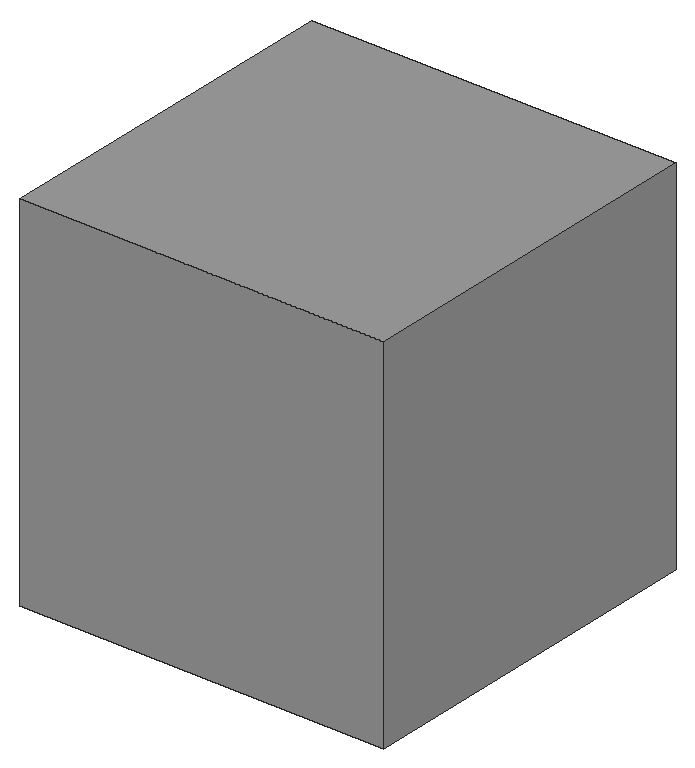
Revit family "Handhole", category Electrical Fixtures, Revit 2021
Family settings
  Maintain Annotation Orientation = No
  Round Connector Dimension = Use Diameter
  Part Type = Normal
  OmniClass Number = 23.80.00.00
  OmniClass Title = Electric Power and Lighting
  Work Plane-Based = No
  Always vertical = Yes
  Cut with Voids When Loaded = No
  Shared = No
  Room Calculation Point = No
Parameters
  Width [instance] = 200 mm * ScaleFactor  # 200 mm
  SubSquare [instance] = 200 mm
  ScaleFactor [instance] = 1
  Material Code [instance] = ""
  LargeSquare [instance] = 200 mm
  IsAutoCalculatePullBoxSize [instance] = ""
  Height [instance] = 200 mm * ScaleFactor  # 200 mm
  Diameter [instance] = 180 mm * ScaleFactor  # 180 mm
  Depth [instance] = 200 mm * ScaleFactor  # 200 mm
  Default Elevation = 0 mm
Reference planes
  plane 1 "Center (Front/Back)": y = 0
  plane 2: z = 0
  plane 3 "Center (Left/Right)": x = 0
  plane 4: x = -100
  plane 5: x = 100
  plane 6: y = 100
  plane 7: y = -100
  plane 8 "top ref": z = 100
  plane 9: z = -100
Forms (mm)
  Extrusion 1, solid, material "Default"
    sketch origin (0, 0, 0) x (1, 0, 0) y (0, 1, 0)
      loop
        line (-100, 100) -> (-100, -100) -> (100, -100) -> (100, 100) -> (-100, 100)
    from -100 to 100
Lines and regions (mm)
  model lines, style "Pull Box Line"
    curve 1: circle (0, 0, 100) r 90 normal (0, 0, 1)
Dimensions and locks
  "Height": Extrusion 1 to Extrusion 1
  equal spacing: Extrusion 1, level, Extrusion 1
  equal spacing: plane 4, plane 3 "Center (Left/Right)", plane 5
  "Width": plane 4 to plane 5
  equal spacing: plane 7, plane 1 "Center (Front/Back)", plane 6
  "Depth": plane 7 to plane 6
  equal spacing: plane 8 "top ref", level, plane 9
  "Height": plane 8 "top ref" to plane 9
  "Diameter": diameter of curve 1
  aligned and locked: level to plane 2
  aligned and locked: plane 6 to Extrusion 1 sketch curve
  aligned and locked: Extrusion 1 sketch curve to plane 7
  aligned and locked: Extrusion 1 sketch curve to plane 5
  aligned and locked: plane 4 to Extrusion 1 sketch curve
Automatic sketch dimensions
  plane 1 "Center (Front/Back)" to curve 1 = 0 mm
  curve 1 to plane 3 "Center (Left/Right)" = 0 mm
Connectors
  cabletrayconduit at (0, 0, 100), diameter 16
    settings: on Extrusion 1, index 1, connector width 300 mm, connector height 300 mm, connector angle 0.00°, system type 32, placement type 0, profile type 0, connector reference index -1, is primary connector yes, connector utility param no, connector description "Top"
  cabletrayconduit at (0, 100, 0), diameter 16
    settings: on Extrusion 1, index 2, connector width 300 mm, connector height 300 mm, connector angle 0.00°, system type 32, placement type 0, profile type 0, connector reference index -1, is primary connector no, connector utility param no, connector description "Back"
  cabletrayconduit at (0, -100, 0), diameter 16
    settings: on Extrusion 1, index 3, connector width 300 mm, connector height 300 mm, connector angle 0.00°, system type 32, placement type 0, profile type 0, connector reference index -1, is primary connector no, connector utility param no, connector description "Front"
  cabletrayconduit at (-100, 0, 0), diameter 16
    settings: on Extrusion 1, index 4, connector width 300 mm, connector height 300 mm, connector angle 0.00°, system type 32, placement type 0, profile type 0, connector reference index -1, is primary connector no, connector utility param no, connector description "Left"
  cabletrayconduit at (100, 0, 0), diameter 16
    settings: on Extrusion 1, index 5, connector width 300 mm, connector height 300 mm, connector angle 0.00°, system type 32, placement type 0, profile type 0, connector reference index -1, is primary connector no, connector utility param no, connector description "Right"
  cabletrayconduit at (0, 0, -100), diameter 16
    settings: on Extrusion 1, index 6, connector width 300 mm, connector height 300 mm, connector angle 0.00°, system type 32, placement type 0, profile type 0, connector reference index -1, is primary connector no, connector utility param no, connector description "Bottom"
